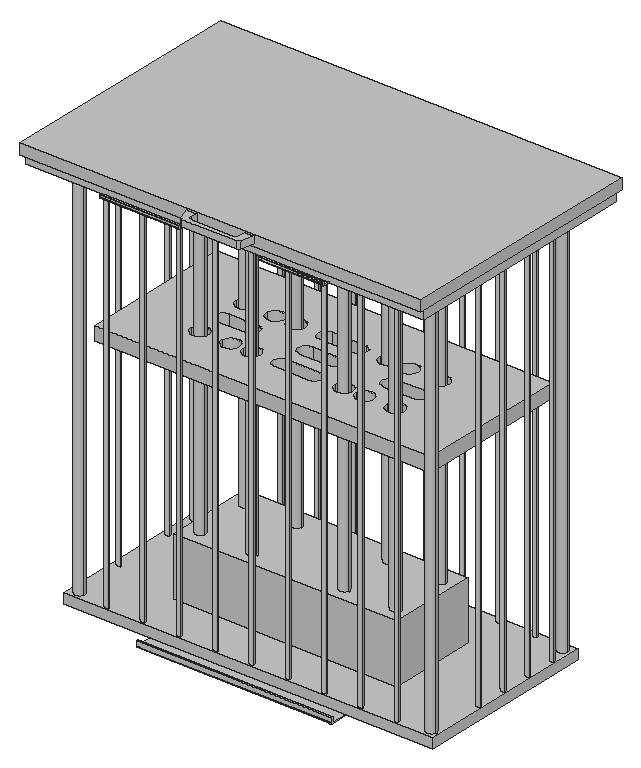
Revit family "QF_BOURGEAT_silo_encastrable_modele_rectangle", category Equipement spécialisé, Revit 2015
Parameters
  URL catalogue = "http://www.bourgeat.fr"
  URL = ""
  Type article = ""
  Spécification du Fabricant = "SILOS A NIVEAU CONSTANT ENCASTRABLES"
  Profondeur hors tout = 457 mm
  Poids net à vide = 19.00 kg
  Modèle = "777630"
  Longueur hors tout = 712 mm
  Hauteur hors tout = 729 mm
  Fabricant = "BOURGEAT"
  Contact SAV = "0033(0)4.76.32.14.44"
  Charge max = 160.00 kg
Reference planes
  plane 1 "Centre (avant/arrière)": y = 0
  plane 2: z = 0
  plane 3 "Centre (gauche/droite)": x = 0
  plane 4: x = 330
  plane 5: x = -330
  plane 6: y = 162.5
  plane 7: y = -162.5
  plane 8: z = 2
  plane 9: z = 19
  plane 10: x = 175
  plane 11: x = -175
  plane 12: y = 154.5
  plane 13: x = 322
  plane 14: y = -154.5
  plane 15: x = -322
  plane 16: x = -260
  plane 17: x = -195
  plane 18: x = -130
  plane 19: x = -65
  plane 20: x = 65
  plane 21: x = 130
  plane 22: x = 195
  plane 23: x = 260
  plane 24: y = 115
  plane 25: y = 60
  plane 26: y = 5
  plane 27: y = -50
  plane 28: y = -105
  plane 29: y = 115
  plane 30: y = 60
  plane 31: y = 5
  plane 32: y = -50
  plane 33: y = -105
  plane 34: x = -260
  plane 35: x = -195
  plane 36: x = -130
  plane 37: x = -65
  plane 38: x = 65
  plane 39: x = 130
  plane 40: x = 195
  plane 41: x = 260
  plane 42: z = 722
  plane 43: x = 356
  plane 44: y = 215.5
  plane 45: y = -215.5
  plane 46: x = -356
  plane 47: z = 739
  plane 48: x = 315
  plane 49: x = -315
  plane 50: y = 147
  plane 51: y = -147
  plane 52: y = -136.7
  plane 53: x = 304.7
  plane 54: y = 136.7
  plane 55: x = 304.7
  plane 56: x = -304.7
  plane 57: y = 136.7
  plane 58: x = -313
  plane 59: y = 145.5
  plane 60: x = -313
  plane 61: y = -145.5
  plane 62: x = 313
  plane 63: y = -145.5
  plane 64: x = 313
  plane 65: y = 145.5
  plane 66: y = -228.3
  plane 67: y = 228.3
  plane 68: z = 728
  plane 69: z = 728
  plane 70: x = -213
  plane 71: x = 187
  plane 72: x = 71
  plane 73: x = -71
  plane 74: y = -52.5
  plane 75: y = 47.5
  plane 76: x = -174
  plane 77: x = -119
  plane 78: x = -81.5
  plane 79: x = -29
  plane 80: x = 1
  plane 81: x = 31
  plane 82: x = 83.5
  plane 83: x = 121
  plane 84: x = 176
  plane 85: x = 200
  plane 86: x = -200
  plane 87: y = 80
  plane 88: y = -80
  plane 89: z = 124
Forms (mm)
  Extrusion 1, solid, material "Acier inoxydable, brossé"
    sketch origin (0, 0, 0) x (1, 0, 0) y (0, 1, 0)
      loop
        line (-330, 162.5) -> (-330, -162.5) -> (330, -162.5) -> (330, 162.5) -> (-330, 162.5)
    from 2 to 19
  Extrusion 2, solid, material "Acier inoxydable, brossé"
    sketch origin (0, 0, 0) x (0, 1, 0) y (0, 0, 1)
      loop
        line (-162.5, 1) -> (-162.5, 2) -> (-189.972, 2)
        arc (-189.972, 2) -> (-190.679, 2.293) -> (-190.972, 3) r 1
        line (-190.972, 3) -> (-190.972, 11) -> (-194, 11) -> (-194, 2)
        arc (-194, 2) -> (-193.707, 1.293) -> (-193, 1) r 1
        line (-193, 1) -> (-162.5, 1)
    from -175 to 175
  Extrusion 3, solid, material "Acier inoxydable, brossé"
    sketch origin (0, 0, 0) x (1, 0, 0) y (0, 1, 0)
      loop
        circle (-260, 154.5) r 3.7
      loop
        circle (-195, 154.5) r 3.7
      loop
        circle (-130, 154.5) r 3.7
      loop
        circle (-65, 154.5) r 3.7
      loop
        circle (0, 154.5) r 3.7
      loop
        circle (65, 154.5) r 3.7
      loop
        circle (130, 154.5) r 3.7
      loop
        circle (195, 154.5) r 3.7
      loop
        circle (260, 154.5) r 3.7
      loop
        circle (322, 115) r 3.7
      loop
        circle (322, 60) r 3.7
      loop
        circle (322, 5) r 3.7
      loop
        circle (322, -50) r 3.7
      loop
        circle (-322, 115) r 3.7
      loop
        circle (-322, 60) r 3.7
      loop
        circle (-322, 5) r 3.7
      loop
        circle (-322, -50) r 3.7
      loop
        circle (-260, -154.5) r 3.7
      loop
        circle (-195, -154.5) r 3.7
      loop
        circle (-130, -154.5) r 3.7
      loop
        circle (-65, -154.5) r 3.7
      loop
        circle (0, -154.5) r 3.7
      loop
        circle (65, -154.5) r 3.7
      loop
        circle (130, -154.5) r 3.7
      loop
        circle (195, -154.5) r 3.7
      loop
        circle (260, -154.5) r 3.7
    from 0 to 722
  Extrusion 4, solid, material "Acier inoxydable, brossé"
    sketch origin (0, 0, 0) x (1, 0, 0) y (0, 1, 0)
      loop
        line (-356, 215.5) -> (-356, -215.5) -> (356, -215.5) -> (356, 215.5) -> (-356, 215.5)
      loop
        arc (-304.7, 147) -> (-307.717, 139.717) -> (-315, 136.7) r 10.3
        line (-315, 136.7) -> (-315, -136.7)
        arc (-315, -136.7) -> (-307.717, -139.717) -> (-304.7, -147) r 10.3
        line (-304.7, -147) -> (304.7, -147)
        arc (304.7, -147) -> (307.717, -139.717) -> (315, -136.7) r 10.3
        line (315, -136.7) -> (315, 136.7)
        arc (315, 136.7) -> (307.717, 139.717) -> (304.7, 147) r 10.3
        line (304.7, 147) -> (-304.7, 147)
    from 722 to 739
  Extrusion 5, solid, material "Acier inoxydable, brossé"
    sketch origin (0, 0, 0) x (1, 0, 0) y (0, 1, 0)
      loop
        circle (315, 147) r 9
      loop
        circle (-315, 147) r 9
      loop
        circle (-315, -147) r 9
      loop
        circle (315, -147) r 9
    from 0 to 722
  Extrusion 6, solid, material "Acier inoxydable, brossé"
    sketch origin (0, 0, 0) x (0, 1, 0) y (0, 0, 1)
      loop
        line (-228.3, 728) -> (-228.3, 724.2)
        arc (-228.3, 724.2) -> (-227.656, 722.644) -> (-226.1, 722) r 2.2
        line (-226.1, 722) -> (-215.5, 722) -> (-215.5, 723) -> (-226.2, 723)
        arc (-226.2, 723) -> (-226.978, 723.322) -> (-227.3, 724.1) r 1.1
        line (-227.3, 724.1) -> (-227.3, 728) -> (-228.3, 728)
      loop
        line (215.5, 722) -> (226.1, 722)
        arc (226.1, 722) -> (227.656, 722.644) -> (228.3, 724.2) r 2.2
        line (228.3, 724.2) -> (228.3, 728) -> (227.3, 728) -> (227.3, 724.1)
        arc (227.3, 724.1) -> (226.978, 723.322) -> (226.2, 723) r 1.1
        line (226.2, 723) -> (215.5, 723) -> (215.5, 722)
    from -213 to 187
  Extrusion 7, void
    sketch origin (0, 0, 0) x (1, 0, 0) y (0, 1, 0)
      loop
        line (-71, 215.5) -> (71, 215.5) -> (71, 254.687) -> (-71, 254.687) -> (-71, 215.5)
      loop
        line (-71, -215.5) -> (-71, -287.983) -> (71, -287.983) -> (71, -215.5) -> (-71, -215.5)
    from 702.241 to 1177.586
  Extrusion 8, solid, material "Acier inoxydable, brossé"
    sketch origin (0, 0, 0) x (1, 0, 0) y (0, 1, 0)
      loop
        line (-200, 80) -> (-200, -80) -> (200, -80) -> (200, 80) -> (-200, 80)
    from 19 to 124
Cuts and joins
  Extrusion 7 cuts Extrusion 6
Dimensions and locks
  plane 44 to plane 45 = 431 mm
  plane 46 to plane 43 = 712 mm
  plane 86 to plane 85 = 400 mm
  aligned and locked: level to plane 2
  aligned and locked: Extrusion 1 sketch curve to plane 6
  aligned and locked: Extrusion 1 sketch curve to plane 5
  aligned and locked: Extrusion 1 sketch curve to plane 7
  aligned and locked: Extrusion 1 sketch curve to plane 4
  aligned and locked: plane 9 to Extrusion 1
  aligned and locked: Extrusion 1 to plane 8
  aligned and locked: plane 11 to Extrusion 2
  aligned and locked: plane 10 to Extrusion 2
  aligned and locked: plane 42 to Extrusion 3
  aligned and locked: Extrusion 4 sketch curve to plane 44
  aligned and locked: plane 46 to Extrusion 4 sketch curve
  aligned and locked: Extrusion 4 sketch curve to plane 45
  aligned and locked: Extrusion 4 sketch curve to plane 43
  aligned and locked: plane 47 to Extrusion 4
  aligned and locked: Extrusion 4 to plane 42
  aligned and locked: Extrusion 6 to plane 71
  aligned and locked: Extrusion 6 to plane 70
  aligned and locked: Extrusion 8 sketch curve to plane 87
  aligned and locked: Extrusion 8 sketch curve to plane 86
  aligned and locked: Extrusion 8 sketch curve to plane 88
  aligned and locked: Extrusion 8 sketch curve to plane 85
  aligned and locked: Extrusion 8 to Extrusion 1
  aligned and locked: plane 89 to Extrusion 8
  aligned and locked: plane 75 to nested 7
  aligned and locked: nested 1 to plane 74
  aligned and locked: nested 2 to plane 74
  aligned and locked: nested 3 to plane 74
  aligned and locked: nested 4 to plane 74
  aligned and locked: plane 76 to nested 8
  aligned and locked: nested 9 to plane 76
  aligned and locked: plane 75 to nested 6
  aligned and locked: plane 84 to nested 4
  aligned and locked: plane 76 to nested 1
  aligned and locked: nested 10 to plane 47
Nested families
  nested 1: "Famille3" at (-174, -52.5, 0), type "Famille3"
  nested 2: "Famille3" at (-81.5, -52.5, 0), type "Famille3"
  nested 3: "Famille3" at (83.5, -52.5, 0), type "Famille3"
  nested 4: "Famille3" at (176, -52.5, 0), type "Famille3"
  nested 5: "Famille3" at (176, 47.5, 0), type "Famille3"
  nested 6: "Famille3" at (83.5, 47.5, 0), type "Famille3"
  nested 7: "Famille3" at (-81.5, 47.5, 0), type "Famille3"
  nested 8: "Famille3" at (-174, 47.5, 0), type "Famille3"
  nested 9: "Famille1" at (1, 6, 420), type "Famille1"
  nested 10: "couvercle_rectangle" at (0, 0, 739), type "couvercle_rectangle"
Definition of nested family "Famille3"
  Reference planes
    plane 1 "Centre (avant/arrière)": y = 0
    plane 2: z = 0
    plane 3 "Centre (gauche/droite)": x = 0
    plane 4: z = 2
    plane 5: z = 11
    plane 6: z = 671
    plane 7: z = 682
    plane 8: z = 680
    plane 9: z = 674
    plane 10: z = 8
    plane 11: z = 9
    plane 12: z = 673
    plane 13: x = -6
    plane 14: x = -9
    plane 15: x = -9
    plane 16: x = -6
  Forms (mm)
    Revolve 1, solid
      sketch origin (0, 0, 0) x (1, 0, 0) y (0, 0, 1)
        loop
          line (-6, 8) -> (-6, 2) -> (-4, 0) -> (0, 0) -> (0, 11) -> (-9, 11) -> (-9, 9) -> (-8, 8) -> (-6, 8)
        loop
          line (-8, 674) -> (-9, 673) -> (-9, 671) -> (0, 671) -> (0, 682) -> (-4, 682) -> (-6, 680) -> (-6, 674) -> (-8, 674)
        axis (0, 682) -> (0, 0)
      angle from 0 to 360
    Revolve 2, solid
      sketch origin (0, 0, 0) x (1, 0, 0) y (0, 0, 1)
        loop
          line (0, 671) -> (-9, 671) -> (-9, 11) -> (0, 11) -> (0, 671)
        axis (0, 671) -> (0, 11)
      angle from 0 to 360
  Dimensions and locks
    plane 13 to plane 3 "Centre (gauche/droite)" = 6 mm
    plane 3 "Centre (gauche/droite)" to plane 14 = 9 mm
    plane 15 to plane 3 "Centre (gauche/droite)" = 9 mm
    plane 16 to plane 3 "Centre (gauche/droite)" = 6 mm
    aligned and locked: level to plane 2
    aligned and locked: Revolve 1 sketch curve to plane 15
    aligned and locked: Revolve 1 sketch curve to plane 16
Definition of nested family "Famille1"
  Reference planes
    plane 1 "Centre (avant/arrière)": y = 0
    plane 2: z = 0
    plane 3 "Centre (gauche/droite)": x = 0
    plane 4: y = 136.5
    plane 5: y = -136.5
    plane 6: x = 301
    plane 7: x = -301
    plane 8: x = -175
    plane 9: y = 41.5
    plane 10: x = -120
    plane 11: x = -82.5
    plane 12: x = -30
    plane 13: x = 30
    plane 14: x = 82.5
    plane 15: x = 120
    plane 16: x = 175
    plane 17: x = -175
    plane 18: y = -58.5
    plane 19: x = -120
    plane 20: x = -82.5
    plane 21: x = -30
    plane 22: x = 30
    plane 23: x = 82.5
    plane 24: x = 120
    plane 25: x = 175
    plane 26: x = -175
    plane 27: x = -123
    plane 28: x = -25
    plane 29: x = 27
    plane 30: x = 125
    plane 31: x = 177
    plane 32: y = -7.5
    plane 33: z = 25
  Forms (mm)
    Extrusion 1, solid
      sketch origin (0, 0, 0) x (1, 0, 0) y (0, 1, 0)
        loop
          line (-301, 136.5) -> (-301, -136.5) -> (301, -136.5) -> (301, 136.5) -> (-301, 136.5)
        loop
          arc (-30, 55.5) -> (-44, 41.5) -> (-30, 27.5) r 14
          line (-30, 27.5) -> (30, 27.5)
          arc (30, 27.5) -> (44, 41.5) -> (30, 55.5) r 14
          line (30, 55.5) -> (-30, 55.5)
        loop
          arc (-25, 5.5) -> (-39, -8.5) -> (-25, -22.5) r 14
          line (-25, -22.5) -> (27, -22.5)
          arc (27, -22.5) -> (41, -8.5) -> (27, 5.5) r 14
          line (27, 5.5) -> (-25, 5.5)
        loop
          arc (-30, -44.5) -> (-44, -58.5) -> (-30, -72.5) r 14
          line (-30, -72.5) -> (30, -72.5)
          arc (30, -72.5) -> (44, -58.5) -> (30, -44.5) r 14
          line (30, -44.5) -> (-30, -44.5)
        loop
          arc (125, 5.5) -> (111, -8.5) -> (125, -22.5) r 14
          line (125, -22.5) -> (177, -22.5)
          arc (177, -22.5) -> (191, -8.5) -> (177, 5.5) r 14
          line (177, 5.5) -> (125, 5.5)
        loop
          arc (-175, 5.5) -> (-189, -8.5) -> (-175, -22.5) r 14
          line (-175, -22.5) -> (-123, -22.5)
          arc (-123, -22.5) -> (-109, -8.5) -> (-123, 5.5) r 14
          line (-123, 5.5) -> (-175, 5.5)
        loop
          circle (-175, 41.5) r 16
        loop
          circle (-120, 41.5) r 16
        loop
          circle (-82.5, 41.5) r 16
        loop
          circle (-82.5, -58.5) r 16
        loop
          circle (-120, -58.5) r 16
        loop
          circle (-175, -58.5) r 16
        loop
          circle (82.5, 41.5) r 16
        loop
          circle (120, 41.5) r 16
        loop
          circle (175, 41.5) r 16
        loop
          circle (82.5, -58.5) r 16
        loop
          circle (120, -58.5) r 16
        loop
          circle (175, -58.5) r 16
      from 0 to 25
  Dimensions and locks
    locked: plane 9 to plane 18 at 100
    plane 4 to plane 9 = 95 mm
    plane 4 to plane 5 = 273 mm
    aligned and locked: level to plane 2
    aligned and locked: Extrusion 1 sketch curve to plane 4
    aligned and locked: Extrusion 1 sketch curve to plane 7
    aligned and locked: Extrusion 1 sketch curve to plane 5
    aligned and locked: Extrusion 1 sketch curve to plane 6
    aligned and locked: plane 33 to Extrusion 1
    aligned and locked: plane 9 to Extrusion 1 sketch curve  (x8)
    aligned and locked: plane 18 to Extrusion 1 sketch curve  (x8)
Definition of nested family "couvercle_rectangle"
  Reference planes
    plane 1 "Centre (avant/arrière)": y = 0
    plane 2: z = 0
    plane 3 "Centre (gauche/droite)": x = 0
    plane 4: x = 359
    plane 5: x = -359
    plane 6: y = 224
    plane 7: y = -224
    plane 8: z = 19.2
    plane 9: x = 60
    plane 10: x = -60
    plane 11: x = 43
    plane 12: x = -43
    plane 13: y = -242
    plane 14: y = -250
    plane 15: through (-60, -224, 1200) normal (0.9613, 0.2756, 0)
    plane 16: z = 16.7
    plane 17: z = 4.7
  Forms (mm)
    Extrusion 1, solid
      sketch origin (0, 0, 0) x (1, 0, 0) y (0, 1, 0)
        loop
          line (-359, 224) -> (-359, -224) -> (359, -224) -> (359, 224) -> (-359, 224)
      from 0 to 19.2
    Extrusion 2, solid
      sketch origin (0, 0, 0) x (1, 0, 0) y (0, 1, 0)
        loop
          line (-60, -224) -> (-53.583, -246.378)
          arc (-53.583, -246.378) -> (-51.786, -248.993) -> (-48.777, -250) r 5
          line (-48.777, -250) -> (48.777, -250)
          arc (48.777, -250) -> (51.786, -248.993) -> (53.583, -246.378) r 5
          line (53.583, -246.378) -> (60, -224) -> (43, -224) -> (43, -237.162)
          arc (43, -237.162) -> (41.536, -240.697) -> (38, -242.162) r 5
          line (38, -242.162) -> (-38, -242.162)
          arc (-38, -242.162) -> (-41.536, -240.697) -> (-43, -237.162) r 5
          line (-43, -237.162) -> (-43, -224) -> (-60, -224)
      from 4.7 to 16.7
  Dimensions and locks
    plane 5 to plane 4 = 718 mm
    plane 6 to plane 7 = 448 mm
    angle plane 15 to plane 7 = 74.00°
    aligned and locked: level to plane 2
    aligned and locked: Extrusion 1 sketch curve to plane 6
    aligned and locked: Extrusion 1 sketch curve to plane 5
    aligned and locked: Extrusion 1 sketch curve to plane 7
    aligned and locked: Extrusion 1 sketch curve to plane 4
    aligned and locked: plane 8 to Extrusion 1
    aligned and locked: Extrusion 2 to plane 17
    aligned and locked: plane 16 to Extrusion 2
